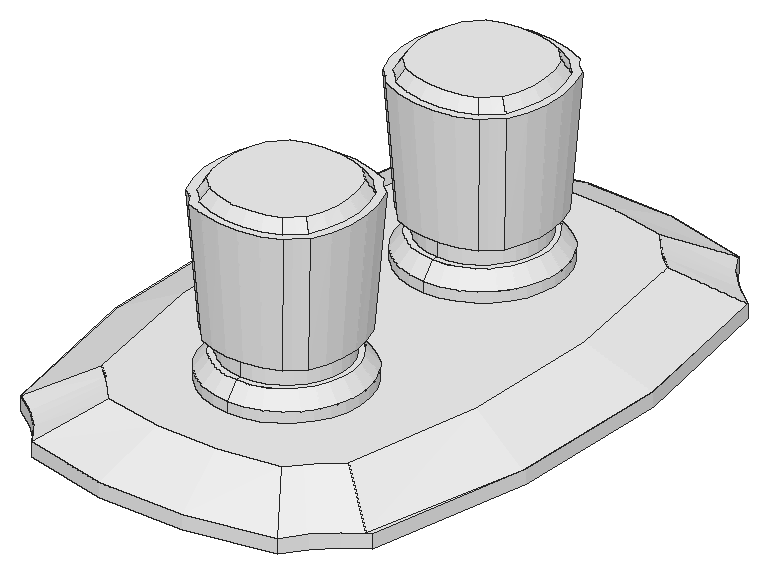
Revit family "Mixing-Valve-Trim_Thermostatic_Traditional_Guinevere_TS970C_TOTO", category Plumbing Fixtures, host Face, Revit 2013
Parameters
  ecoScorecard_data = " "
  ecoScorecard Product Page = "  "
  Width = 0' - 6 11/16"  # constant formula
  Waste Connection = no
  Warranty URL = "http://www.totousa.com/warranty-registration"
  Warranty = "Limited Lifetime (Residential); One Year (Commercial); One Year (Oil Rubbed Bronze)"  # constant formula
  WFU = 0
  Vent Connection = no
  URL = "http://www.totousa.com"
  Toto BIM Number = "BM-00166"  # constant formula
  Subcategory = "Mixing Valve"  # constant formula
  Style = "Traditional"  # constant formula
  Spec Sheet URL = "http://assets.totousa.com/product-files/SS-00058_TS970C.pdf"
  Shipping Weight = 6.00 lbf  # constant formula
  Series = "Guinevere"  # constant formula
  Product Page URL = " "
  Parts Manual URL = " "
  Owners Manual URL = "  "
  Model = "TS970C"  # constant formula
  Material = "Brass"  # constant formula
  Manufacturer Phone - Toll Free = "1-888-295-8134"  # constant formula
  Manufacturer Phone = "(770) 282-8686 "  # constant formula
  Manufacturer Fax = "(770) 282-0002"  # constant formula
  Manufacturer Email = "mailto:custservice@totousa.com "
  Manufacturer Address = "1155 Southern Road, Morrow, Georgia 30260"  # constant formula
  Manufacturer = "TOTO USA, Inc."  # constant formula
  Installation URL = " "
  Industry Standards = "Meets and exceeds ASME A112.19.2/CSA B45.1"  # constant formula
  Height = 0' - 9 13/16"  # constant formula
  HWFU = 0
  HW Connection = no
  Finish = Metal - TOTO - Chrome - Polished
  Description = "GuinevereÂ® Thermostatic Mixing Valve with One-Way Volume Control"  # constant formula
  Depth = 0' - 3 1/2"  # constant formula
  Default Elevation = 3' - 7 1/16"
  Cost Info = "mailto:custservice@totousa.com "
  Color Availability = "#CP Polished Chrome, #BN Brushed Nickel, #PN Polished Nickel, #RB Oil Rubbed Bronze"  # constant formula
  Code Compliance = "UPC, IPC, NSPC, NPC Canada, and others"  # constant formula
  Certifications = "IAPMO(cUPC), State of Massachusetts, City of Los Angeles"  # constant formula
  CWFU = 0
  CW Connection = no
  CAD Drawing URL = "http://assets.totousa.com/product-files/AD-00081_TS970C.dxf"
  Assembly Code = "D2010710"
  ADA Compliant = no
  95 CSI = "15410"  # constant formula
  04 CSI = "22 42 13"  # constant formula
Reference planes (in)
  plane 1 "Center (Front/Back)": y = 0
  plane 2: z = 0
  plane 3 "Center (Left/Right)": x = 0
  plane 4: y = 4.90625
  plane 5: y = -4.90625
  plane 6: x = 3.34375
  plane 7: x = -3.34375
  plane 8: z = 3.5
  plane 9: y = 1.95039
  plane 10: y = -1.95039
  plane 11: z = 2.70157
  plane 12: z = -0.125
  plane 13: x = 1.6875
  plane 14: x = -1.6875
  plane 15: z = 0.21457
  plane 16: z = 0.67953
  plane 17: z = 1.37244
  plane 18: z = 3.32953
Forms (in)
  Extrusion 1, solid, material "Metal - TOTO - Chrome - Polished" <- "Finish", detail levels fine
    sketch origin (5.61193, -180, -0.125) x (-1, 0, 0) y (0, -1, 0)
      loop
        circle (3.92443, -180) r 0.25
      loop
        circle (7.29943, -180) r 0.25
    from 0 to 0.125
  Extrusion 2, solid, material "Metal - TOTO - Chrome - Polished" <- "Finish"
    sketch origin (5.61193, -180, -0.125) x (-1, 0, 0) y (0, -1, 0)
      loop
        arc (7.57272, -184.59586) -> (7.93604, -184.12242) -> (8.40789, -183.75705) r 2.32521
        arc (8.40789, -183.75705) -> (8.94975, -180.01108) -> (8.41397, -176.26423) r 13.29381
        arc (8.41397, -176.26423) -> (7.94012, -175.90328) -> (7.57272, -175.43441) r 2.34055
        arc (7.57272, -175.43441) -> (5.61193, -175.12402) -> (3.65115, -175.43441) r 6.34843
        arc (3.65115, -175.43441) -> (3.2836, -175.90343) -> (2.80952, -176.26444) r 2.34055
        arc (2.80952, -176.26444) -> (2.27411, -179.99977) -> (2.80952, -183.73509) r 13.29744
        arc (2.80952, -183.73509) -> (3.28754, -184.10953) -> (3.65115, -184.59586) r 2.30409
        arc (3.65115, -184.59586) -> (5.61193, -184.90625) -> (7.57272, -184.59586) r 6.34843
    from 0.125 to 0.33957
  Blend 3, solid, material "Metal - TOTO - Chrome - Polished" <- "Finish"
    base sketch origin (5.61193, -180, 0.67953) x (-1, 0, 0) y (0, -1, 0)
      loop
        arc (7.57272, -184.59586) -> (7.93852, -184.11993) -> (8.41397, -183.7535) r 2.32521
        arc (8.41397, -183.7535) -> (8.92689, -180.01088) -> (8.41964, -176.26749) r 13.98816
        arc (8.41964, -176.26749) -> (7.94245, -175.90558) -> (7.57272, -175.43441) r 2.34055
        arc (7.57272, -175.43441) -> (5.61193, -175.12402) -> (3.65115, -175.43441) r 6.34843
        arc (3.65115, -175.43441) -> (3.31521, -175.87165) -> (2.88632, -176.21817) r 2.34055
        arc (2.88632, -176.21817) -> (2.29765, -179.97107) -> (2.80969, -183.73519) r 13.10989
        arc (2.80969, -183.73519) -> (3.28761, -184.1096) -> (3.65115, -184.59586) r 2.30409
        arc (3.65115, -184.59586) -> (5.61193, -184.90625) -> (7.57272, -184.59586) r 6.34843
    top sketch origin (5.61193, -180, 0.67953) x (-1, 0, 0) y (0, -1, 0)
      loop
        arc (4.23459, -183.76157) -> (5.61193, -183.93976) -> (6.98927, -183.76157) r 5.41221
        arc (6.98927, -183.76157) -> (7.26433, -183.44886) -> (7.57641, -183.1731) r 3.31601
        arc (7.57641, -183.1731) -> (7.99052, -180) -> (7.57641, -176.8269) r 12.36379
        arc (7.57641, -176.8269) -> (7.26433, -176.55114) -> (6.98927, -176.23843) r 3.31601
        arc (6.98927, -176.23843) -> (5.61193, -176.06024) -> (4.23459, -176.23843) r 5.41221
        arc (4.23459, -176.23843) -> (3.95954, -176.55114) -> (3.64746, -176.8269) r 3.31601
        arc (3.64746, -176.8269) -> (3.23335, -180) -> (3.64746, -183.1731) r 12.36379
        arc (3.64746, -183.1731) -> (3.95954, -183.44886) -> (4.23459, -183.76157) r 3.31601
    from -0.46496 to 0
  Revolve 4, solid, material "Metal - TOTO - Chrome - Polished" <- "Finish"
    sketch origin (0, 0, 0) x (0, 1, 0) y (0, 0, 1)
      loop
        line (1.95039, 0.67953) -> (3.12047, 0.67953) -> (3.12047, 0.83898) -> (2.94055, 1.06969) -> (2.84724, 1.06969) -> (2.84724, 1.37244) -> (1.95039, 1.37244) -> (1.95039, 0.67953)
      axis (1.95039, 0.67953) -> (1.95039, 1.37244)
    angle from 0 to 360
  Revolve 5, solid, material "Metal - TOTO - Chrome - Polished" <- "Finish"
    sketch origin (0, 0, 0) x (0, 1, 0) y (0, 0, 1)
      loop
        line (-1.95039, 0.67953) -> (-0.78031, 0.67953) -> (-0.78031, 0.83898) -> (-0.96024, 1.06969) -> (-1.05354, 1.06969) -> (-1.05354, 1.37244) -> (-1.95039, 1.37244) -> (-1.95039, 0.67953)
      axis (-1.95039, 0.67953) -> (-1.95039, 1.37244)
    angle from 0 to 360
  Blend 6, solid, material "Metal - TOTO - Chrome - Polished" <- "Finish"
    base sketch origin (5.61193, -180, 1.37244) x (-1, 0, 0) y (0, -1, 0)
      loop
        arc (6.60898, -178.79744) -> (6.78496, -178.04774) -> (6.60464, -177.29907) r 1.66441
        arc (6.60464, -177.29907) -> (6.46805, -177.18987) -> (6.35977, -177.05256) r 0.76654
        arc (6.35977, -177.05256) -> (5.61007, -176.87658) -> (4.8614, -177.0569) r 1.66441
        arc (4.8614, -177.0569) -> (4.75401, -177.19168) -> (4.61922, -177.29907) r 0.76654
        arc (4.61922, -177.29907) -> (4.43891, -178.04774) -> (4.61489, -178.79744) r 1.66441
        arc (4.61489, -178.79744) -> (4.7522, -178.90573) -> (4.8614, -179.04232) r 0.76654
        arc (4.8614, -179.04232) -> (5.61007, -179.22263) -> (6.35977, -179.04665) r 1.66441
        arc (6.35977, -179.04665) -> (6.46986, -178.90753) -> (6.60898, -178.79744) r 0.76654
    top sketch origin (5.61193, -180, 1.37244) x (-1, 0, 0) y (0, -1, 0)
      loop
        arc (6.48868, -178.69175) -> (6.63063, -178.04771) -> (6.48455, -177.40459) r 1.51008
        arc (6.48455, -177.40459) -> (6.35895, -177.29903) -> (6.25408, -177.17286) r 0.92087
        arc (6.25408, -177.17286) -> (5.61003, -177.03091) -> (4.96691, -177.17699) r 1.51008
        arc (4.96691, -177.17699) -> (4.86314, -177.30081) -> (4.73932, -177.40459) r 0.92087
        arc (4.73932, -177.40459) -> (4.59324, -178.04771) -> (4.73519, -178.69175) r 1.51008
        arc (4.73519, -178.69175) -> (4.86136, -178.79662) -> (4.96691, -178.92222) r 0.92087
        arc (4.96691, -178.92222) -> (5.61003, -179.0683) -> (6.25408, -178.92635) r 1.51008
        arc (6.25408, -178.92635) -> (6.36073, -178.7984) -> (6.48868, -178.69175) r 0.92087
    from 1.95709 to 0
  Blend 7, solid, material "Metal - TOTO - Chrome - Polished" <- "Finish"
    base sketch origin (5.61193, -176.09921, 1.37244) x (-1, 0, 0) y (0, -1, 0)
      loop
        arc (6.60898, -178.79744) -> (6.78496, -178.04774) -> (6.60464, -177.29907) r 1.66441
        arc (6.60464, -177.29907) -> (6.46805, -177.18987) -> (6.35977, -177.05256) r 0.76654
        arc (6.35977, -177.05256) -> (5.61007, -176.87658) -> (4.8614, -177.0569) r 1.66441
        arc (4.8614, -177.0569) -> (4.75401, -177.19168) -> (4.61922, -177.29907) r 0.76654
        arc (4.61922, -177.29907) -> (4.43891, -178.04774) -> (4.61489, -178.79744) r 1.66441
        arc (4.61489, -178.79744) -> (4.7522, -178.90573) -> (4.8614, -179.04232) r 0.76654
        arc (4.8614, -179.04232) -> (5.61007, -179.22263) -> (6.35977, -179.04665) r 1.66441
        arc (6.35977, -179.04665) -> (6.46986, -178.90753) -> (6.60898, -178.79744) r 0.76654
    top sketch origin (5.61193, -176.09921, 1.37244) x (-1, 0, 0) y (0, -1, 0)
      loop
        arc (6.48868, -178.69175) -> (6.63063, -178.04771) -> (6.48455, -177.40459) r 1.51008
        arc (6.48455, -177.40459) -> (6.35895, -177.29903) -> (6.25408, -177.17286) r 0.92087
        arc (6.25408, -177.17286) -> (5.61003, -177.03091) -> (4.96691, -177.17699) r 1.51008
        arc (4.96691, -177.17699) -> (4.86314, -177.30081) -> (4.73932, -177.40459) r 0.92087
        arc (4.73932, -177.40459) -> (4.59324, -178.04771) -> (4.73519, -178.69175) r 1.51008
        arc (4.73519, -178.69175) -> (4.86136, -178.79662) -> (4.96691, -178.92222) r 0.92087
        arc (4.96691, -178.92222) -> (5.61003, -179.0683) -> (6.25408, -178.92635) r 1.51008
        arc (6.25408, -178.92635) -> (6.36073, -178.7984) -> (6.48868, -178.69175) r 0.92087
    from 1.95709 to 0
  Blend 8, solid, material "Metal - TOTO - Chrome - Polished" <- "Finish"
    base sketch origin (5.61193, -180, 3.32953) x (-1, 0, 0) y (0, -1, 0)
      loop
        arc (6.28261, -182.84542) -> (6.38467, -182.72313) -> (6.50696, -182.62107) r 0.88701
        arc (6.50696, -182.62107) -> (6.65937, -181.94839) -> (6.50262, -181.2767) r 1.53882
        arc (6.50262, -181.2767) -> (6.3828, -181.17579) -> (6.28261, -181.05537) r 0.88701
        arc (6.28261, -181.05537) -> (5.61514, -180.90295) -> (4.94763, -181.05515) r 1.53882
        arc (4.94763, -181.05515) -> (4.84282, -181.18128) -> (4.71669, -181.28609) r 0.89213
        arc (4.71669, -181.28609) -> (4.5645, -181.9485) -> (4.71251, -182.61185) r 1.53882
        arc (4.71251, -182.61185) -> (4.84102, -182.71773) -> (4.94763, -182.84564) r 0.89213
        arc (4.94763, -182.84564) -> (5.61514, -182.99783) -> (6.28261, -182.84542) r 1.53882
    top sketch origin (5.61193, -180, 3.32953) x (-1, 0, 0) y (0, -1, 0)
      loop
        arc (5.03074, -182.74587) -> (5.61527, -182.87224) -> (6.19973, -182.74555) r 1.41323
        arc (6.19973, -182.74555) -> (6.29586, -182.63432) -> (6.40709, -182.53819) r 1.0126
        arc (6.40709, -182.53819) -> (6.53377, -181.9484) -> (6.40296, -181.35951) r 1.41323
        arc (6.40296, -181.35951) -> (6.29404, -181.26464) -> (6.19973, -181.15524) r 1.0126
        arc (6.19973, -181.15524) -> (5.61527, -181.02854) -> (5.03074, -181.15492) r 1.41323
        arc (5.03074, -181.15492) -> (4.93162, -181.27008) -> (4.81646, -181.3692) r 1.01772
        arc (4.81646, -181.3692) -> (4.69009, -181.94851) -> (4.81249, -182.52867) r 1.41323
        arc (4.81249, -182.52867) -> (4.92988, -182.62897) -> (5.03074, -182.74587) r 1.01772
    from 0 to 0.17047
  Blend 9, solid, material "Metal - TOTO - Chrome - Polished" <- "Finish"
    base sketch origin (5.61193, -183.90079, 3.32953) x (-1, 0, 0) y (0, -1, 0)
      loop
        arc (6.28261, -182.84542) -> (6.38467, -182.72313) -> (6.50696, -182.62107) r 0.88701
        arc (6.50696, -182.62107) -> (6.65937, -181.94839) -> (6.50262, -181.2767) r 1.53882
        arc (6.50262, -181.2767) -> (6.3828, -181.17579) -> (6.28261, -181.05537) r 0.88701
        arc (6.28261, -181.05537) -> (5.61514, -180.90295) -> (4.94763, -181.05515) r 1.53882
        arc (4.94763, -181.05515) -> (4.84282, -181.18128) -> (4.71669, -181.28609) r 0.89213
        arc (4.71669, -181.28609) -> (4.5645, -181.9485) -> (4.71251, -182.61185) r 1.53882
        arc (4.71251, -182.61185) -> (4.84102, -182.71773) -> (4.94763, -182.84564) r 0.89213
        arc (4.94763, -182.84564) -> (5.61514, -182.99783) -> (6.28261, -182.84542) r 1.53882
    top sketch origin (5.61193, -183.90079, 3.32953) x (-1, 0, 0) y (0, -1, 0)
      loop
        arc (5.03074, -182.74587) -> (5.61527, -182.87224) -> (6.19973, -182.74555) r 1.41323
        arc (6.19973, -182.74555) -> (6.29586, -182.63432) -> (6.40709, -182.53819) r 1.0126
        arc (6.40709, -182.53819) -> (6.53377, -181.9484) -> (6.40296, -181.35951) r 1.41323
        arc (6.40296, -181.35951) -> (6.29404, -181.26464) -> (6.19973, -181.15524) r 1.0126
        arc (6.19973, -181.15524) -> (5.61527, -181.02854) -> (5.03074, -181.15492) r 1.41323
        arc (5.03074, -181.15492) -> (4.93162, -181.27008) -> (4.81646, -181.3692) r 1.01772
        arc (4.81646, -181.3692) -> (4.69009, -181.94851) -> (4.81249, -182.52867) r 1.41323
        arc (4.81249, -182.52867) -> (4.92988, -182.62897) -> (5.03074, -182.74587) r 1.01772
    from 0 to 0.17047
  Revolve 10, solid, material "Plastic - TOTO - Black", detail levels fine
    sketch origin (0, 0, 0) x (0, 1, 0) y (0, 0, 1)
      loop
        line (-0.74528, 2.46772) -> (-0.74528, 2.70157) -> (-0.91778, 2.70157) -> (-0.91778, 2.46772) -> (-0.74528, 2.46772)
      axis (-0.91778, 2.70157) -> (-0.74528, 2.70157)
    angle from 0 to 360
  Extrusion 11, solid, material "Metal - TOTO - Chrome - Polished" <- "Finish", detail levels fine
    sketch origin (5.61193, -180, -0.125) x (-1, 0, 0) y (0, -1, 0)
      loop
        circle (5.61193, -181.95039) r 0.25
      loop
        circle (5.61193, -180) r 0.25
      loop
        circle (5.61193, -178.04961) r 0.25
    from 0 to 0.125
Lines and regions (in)
  Masking region 1
    outline origin (7, -4.90625, 48) x (-1, 0, 0) y (0, 0, 1)
      loop
        line (8.17008, -47.32047) -> (8.17008, -47.1606) -> (7.99016, -46.93031) -> (7.89678, -46.93031) -> (7.89678, -46.62756) -> (8.0187, -46.62756) -> (8.17303, -44.67047) -> (8.04744, -44.67047) -> (7.92185, -44.5) -> (6.07815, -44.5) -> (5.95256, -44.67047) -> (5.82697, -44.67047) -> (5.9813, -46.62756) -> (6.10322, -46.62756) -> (6.10322, -46.93031) -> (6.00984, -46.93031) -> (5.82992, -47.1606) -> (5.82992, -47.32047) -> (4.62047, -47.32047) -> (3.65625, -47.78543) -> (3.65625, -48) -> (10.34375, -48) -> (10.34375, -47.78543) -> (9.37953, -47.32047) -> (8.17008, -47.32047)
  symbolic lines, detail levels medium+fine
    curve 1: line (-3.34375, -4.90625, 0.21457) -> (3.34375, -4.90625, 0.21457)
    curve 6: line (1.17008, -4.90625, 0.8394) -> (-1.17008, -4.90625, 0.8394)
  symbolic lines
    curve 2: line (1.17008, -4.90625, 0.67953) -> (-1.17008, -4.90625, 0.67953)
    curve 4: line (-0.89678, -4.90625, 1.37244) -> (0.89678, -4.90625, 1.37244)
    curve 5: line (0.89678, -4.90625, 1.06969) -> (-0.89678, -4.90625, 1.06969)
  symbolic lines, detail levels fine
    curve 3: line (1.04744, -4.90625, 3.32953) -> (-1.04744, -4.90625, 3.32953)
    curve 7: line (1.96079, -4.90625, 0.21457) -> (1.37734, -4.90625, 0.67953)
    curve 8: line (2.77507, -4.90625, 0.21457) -> (1.96433, -4.90625, 0.67953)
    curve 9: line (2.77362, -4.90625, 0) -> (2.77507, -4.90625, 0.21457)
    curve 10: line (1.96079, -4.90625, 0.21457) -> (1.96079, -4.90625, 0)
    curve 11: line (-1.96079, -4.90625, 0) -> (-1.96079, -4.90625, 0.21457)
    curve 12: line (-2.77325, -4.90625, 0) -> (-2.77325, -4.90625, 0.21457)
    curve 13: line (-2.77325, -4.90625, 0.21457) -> (-1.96447, -4.90625, 0.67953)
    curve 14: line (-1.96079, -4.90625, 0.21457) -> (-1.37734, -4.90625, 0.67953)
    curve 15: line (0.64502, -4.90625, 1.37244) -> (0.75053, -4.90625, 3.32953)
    curve 16: line (-0.64215, -4.90625, 1.37244) -> (-0.74783, -4.90625, 3.32953)
    curve 17: line (0.6643, -4.90625, 3.32953) -> (0.58119, -4.90625, 3.5)
    curve 18: line (-0.67067, -4.90625, 3.32953) -> (-0.5878, -4.90625, 3.5)
    curve 19: line (-0.79516, -4.90625, 3.5) -> (-0.89502, -4.90625, 3.32953)
    curve 20: line (0.89943, -4.90625, 3.32953) -> (0.79944, -4.90625, 3.5)
    curve 21: line (0.87261, -4.90625, 1.37244) -> (0.99291, -4.90625, 3.32953)
    curve 22: line (-0.87261, -4.90625, 1.37244) -> (-0.99291, -4.90625, 3.32953)
Dimensions and locks (in)
  equal spacing: plane 5, plane 1 "Center (Front/Back)", plane 4
  "Height": plane 5 to plane 4
  equal spacing: plane 7, plane 3 "Center (Left/Right)", plane 6
  "Width": plane 7 to plane 6
  "Depth": plane 8 to plane 2
  equal spacing: plane 10, plane 1 "Center (Front/Back)", plane 9
  locked: plane 2 to plane 12 at 0.125
  plane 14 to plane 3 "Center (Left/Right)" to plane 13 = 0' - 1 11/16" locked, 0' - 1 11/16" locked
  locked: plane 1 "Center (Front/Back)" to Extrusion 1 sketch curve at 0  (x2)
  locked: plane 13 to Extrusion 1 sketch curve at 0
  locked: plane 14 to Extrusion 1 sketch curve at 0
  locked: plane 10 to plane 9 at 3.90079
  locked: plane 4 to Extrusion 2 sketch curve at 6.34843
  locked: plane 3 "Center (Left/Right)" to Extrusion 2 sketch curve  (x2)
  locked: plane 1 "Center (Front/Back)" to Extrusion 2 sketch curve at 1.47245
  locked: plane 15 to plane 2 at 0.21457
  locked: Extrusion 2 sketch curve to plane 3 "Center (Left/Right)" at 3.97184  (x2)
  locked: Extrusion 2 sketch curve to plane 1 "Center (Front/Back)" at 5.76302  (x2)
  locked: plane 3 "Center (Left/Right)" to Extrusion 2 sketch curve at 3.97184  (x2)
  locked: plane 10 to Extrusion 2 sketch curve at 7.71342
  locked: plane 16 to plane 2 at 0.67953
  locked: plane 17 to plane 2 at 1.37244
  locked: Revolve 4 sketch curve to plane 16 at 0.39016
  locked: Revolve 5 sketch curve to plane 16 at 0.39016
  locked: plane 8 to plane 18 at 0.17047
  locked: plane 10 to Blend 6 sketch curve at 0.00295
  locked: Blend 6 sketch curve to plane 3 "Center (Left/Right)" at 0.49138
  locked: Blend 7 sketch curve to plane 9 at 0.00295
  locked: Blend 7 sketch curve to plane 3 "Center (Left/Right)" at 0.49138
  locked: Blend 8 sketch curve to plane 9 at 0.00295  (x2)
  locked: Blend 8 sketch curve to plane 3 "Center (Left/Right)" at 0.49138  (x2)
  locked: plane 10 to Blend 9 sketch curve at 0.00295
  locked: Blend 9 sketch curve to plane 3 "Center (Left/Right)" at 0.49138
  locked: plane 11 to plane 2 at 2.70157
  Masking region 1 sketch curve to plane 3 "Center (Left/Right)" to Masking region 1 sketch curve = 0' - 2.37953" locked, 0' - 2.37953" locked
  Masking region 1 sketch curve to Masking region 1 sketch curve to Masking region 1 sketch curve to plane 3 "Center (Left/Right)" to Masking region 1 sketch curve to Masking region 1 sketch curve to Masking region 1 sketch curve = 0' - 0.17992" locked, 0' - 0.09338" locked, 0' - 0.89678" locked, 0' - 0.89678" locked, 0' - 0.09338" locked, 0' - 0.17992" locked
  Masking region 1 sketch curve to Masking region 1 sketch curve to Masking region 1 sketch curve to Masking region 1 sketch curve to plane 3 "Center (Left/Right)" to Masking region 1 sketch curve to Masking region 1 sketch curve to Masking region 1 sketch curve to Masking region 1 sketch curve = 0' - 0.12559" locked, 0' - 0.02874" locked, 0' - 0.09685" locked, 0' - 0.92185" locked, 0' - 0.92185" locked, 0' - 0.09685" locked, 0' - 0.02874" locked, 0' - 0.12559" locked
  locked: plane 11 to Revolve 10 sketch curve at 0.23386
  plane 10 to Revolve 10 sketch curve to Revolve 10 sketch curve = 0' - 1.03262" locked, 0' - 0.1725" locked
  locked: plane 16 to curve 6 at 0.15987
  curve 9 to curve 8 to plane 3 "Center (Left/Right)" = 0' - 0.81073" locked, 0' - 1.96433" locked
  locked: plane 9 to Extrusion 11 sketch curve at 0
  locked: plane 1 "Center (Front/Back)" to Extrusion 11 sketch curve at 0
  locked: plane 10 to Extrusion 11 sketch curve at 0
  locked: plane 3 "Center (Left/Right)" to Extrusion 11 sketch curve at 0  (x3)
  locked: Extrusion 2 sketch curve to plane 1 "Center (Front/Back)" at 0.00023
  locked: plane 3 "Center (Left/Right)" to Extrusion 2 sketch curve at 9.95599
  locked: Extrusion 2 sketch curve to plane 3 "Center (Left/Right)" at 9.95961
  locked: plane 1 "Center (Front/Back)" to Extrusion 2 sketch curve at 0.00029
  curve 21 to curve 21 to plane 3 "Center (Left/Right)" to curve 22 to curve 22 = 0' - 0.1203" locked, 0' - 0.87261" locked, 0' - 0.87261" locked, 0' - 0.1203" locked
  plane 3 "Center (Left/Right)" to curve 13 to curve 13 = 0' - 1.96447" locked, 0' - 0.80877" locked
  locked: plane 3 "Center (Left/Right)" to curve 12 at 2.77325
  locked: plane 3 "Center (Left/Right)" to Blend 3 sketch curve at 3.31496
  locked: Blend 3 sketch curve to plane 3 "Center (Left/Right)" at 3.31496
  locked: Extrusion 1 sketch curve to Extrusion 1 sketch curve (radius 0' - 0 1/4")  (x2)
  radius of Extrusion 2 sketch curve = 0' - 6.34843"  (x2)
  radius of Extrusion 2 sketch curve = 0' - 2.34055"  (x2)
  locked: Extrusion 11 sketch curve to Extrusion 11 sketch curve (radius 0' - 0 1/4")  (x3)
  aligned and locked: plane 2 to host face
  aligned and locked: level to host face
  aligned and locked: Extrusion 1 to plane 12
  aligned and locked: plane 2 to Extrusion 1
  aligned and locked: plane 15 to Extrusion 2
  aligned and locked: Extrusion 2 to plane 2
  aligned and locked: Blend 3 sketch curve to Extrusion 2  (x6)
  aligned and locked: Blend 3 to plane 15
  aligned and locked: plane 16 to Blend 3
  aligned and locked: plane 9 to Revolve 4 sketch curve  (x2)
  aligned and locked: plane 16 to Revolve 4 sketch curve
  aligned and locked: plane 17 to Revolve 4 sketch curve
  aligned and locked: plane 17 to Revolve 5 sketch curve
  aligned and locked: Revolve 5 sketch curve to plane 10
  aligned and locked: plane 16 to Revolve 5 sketch curve
  aligned and locked: Blend 6 to plane 17
  aligned and locked: plane 18 to Blend 6
  aligned and locked: Blend 7 to plane 17
  aligned and locked: plane 18 to Blend 7
  aligned and locked: plane 3 "Center (Left/Right)" to Revolve 4 sketch curve
  aligned and locked: plane 3 "Center (Left/Right)" to Revolve 5 sketch curve
  aligned and locked: Blend 8 to plane 18
  aligned and locked: plane 8 to Blend 8
  aligned and locked: Blend 9 to plane 18
  aligned and locked: plane 8 to Blend 9
  aligned and locked: Masking region 1 sketch curve to Blend 3  (x2)
  aligned and locked: Masking region 1 sketch curve to Blend 8
  aligned and locked: Masking region 1 sketch curve to Blend 7  (x2)
  aligned and locked: Masking region 1 sketch curve to plane 18
  aligned and locked: Masking region 1 sketch curve to Revolve 4
  aligned and locked: plane 6 to Masking region 1 sketch curve
  aligned and locked: Masking region 1 sketch curve to plane 7
  aligned and locked: Masking region 1 sketch curve to plane 15  (x2)
  aligned and locked: curve 1 to Blend 3
  aligned and locked: Blend 3 to curve 2
  aligned and locked: plane 6 to curve 1
  aligned and locked: plane 7 to curve 1
  aligned and locked: Masking region 1 to curve 2
  aligned and locked: curve 2 to Masking region 1
  aligned and locked: Blend 7 to curve 3
  aligned and locked: Masking region 1 to curve 3
  aligned and locked: curve 3 to Masking region 1
  aligned and locked: curve 5 to Revolve 4
  aligned and locked: curve 4 to Masking region 1
  aligned and locked: curve 5 to Masking region 1
  aligned and locked: Masking region 1 to curve 5
  aligned and locked: Masking region 1 to curve 6
  aligned and locked: curve 6 to Masking region 1
  aligned and locked: Revolve 10 sketch curve to plane 11  (x2)
  aligned and locked: plane 3 "Center (Left/Right)" to Revolve 10 sketch curve
  aligned and locked: Blend 3 to curve 7
  aligned and locked: Extrusion 2 to curve 10
  aligned and locked: curve 11 to Extrusion 2
  aligned and locked: Blend 3 to curve 14
  aligned and locked: plane 15 to curve 12
  aligned and locked: plane 15 to curve 11
  aligned and locked: plane 16 to curve 8
  aligned and locked: plane 16 to curve 7
  aligned and locked: plane 16 to curve 14
  aligned and locked: plane 16 to curve 13
  aligned and locked: Blend 7 to curve 15  (x3)
  aligned and locked: Blend 7 to curve 16
  aligned and locked: plane 17 to curve 16
  aligned and locked: Blend 8 to curve 17
  aligned and locked: Blend 8 to curve 18
  aligned and locked: Blend 8 to curve 19
  aligned and locked: Blend 8 to curve 20
  aligned and locked: plane 8 to curve 19
  aligned and locked: plane 8 to curve 18
  aligned and locked: plane 8 to curve 20
  aligned and locked: plane 8 to curve 17
  aligned and locked: plane 2 to Masking region 1
  aligned and locked: Masking region 1 to curve 4
  aligned and locked: Extrusion 11 to plane 12
  aligned and locked: plane 2 to Extrusion 11
Automatic sketch dimensions
  plane 9 to Revolve 4 sketch curve = 0' - 0.89685"
  Revolve 4 sketch curve to Revolve 4 sketch curve = 0' - 0.09331"
  Revolve 4 sketch curve to Revolve 4 sketch curve = 0' - 0.17992"
  plane 16 to Revolve 4 sketch curve = 0' - 0.15945"
  Revolve 4 sketch curve to Revolve 4 sketch curve = 0' - 0.3937"
  Revolve 4 sketch curve to plane 11 = 0' - 0.25646"
  Revolve 5 sketch curve to plane 10 = 0' - 0"
  Revolve 5 sketch curve to plane 10 = 0' - 0.89685"
  Revolve 5 sketch curve to Revolve 5 sketch curve = 0' - 0.09331"
  Revolve 5 sketch curve to Revolve 5 sketch curve = 0' - 0.17992"
  Revolve 5 sketch curve to Revolve 5 sketch curve = 0' - 0.15945"
  Revolve 5 sketch curve to Revolve 5 sketch curve = 0' - 0.31536"
  Revolve 5 sketch curve to Revolve 5 sketch curve = 0' - 0.27945"
  host sketch curve to host sketch curve = 3' - 3.20705"
  host sketch curve to host sketch curve = 3' - 4.01813"
  plane 1 "Center (Front/Back)" to Blend 3 sketch curve = 0' - 0"  (x2)
  Blend 3 sketch curve to plane 3 "Center (Left/Right)" = 0' - 0"  (x2)
  Blend 3 sketch curve to plane 13 = 0' - 0.31016"  (x2)
  plane 13 to Blend 3 sketch curve = 0' - 0.27697"  (x2)
  plane 6 to Blend 3 sketch curve = 0' - 0.65609"  (x2)
  plane 6 to Blend 3 sketch curve = 0' - 6.64145"
  Blend 3 sketch curve to plane 14 = 0' - 0.31016"  (x2)
  plane 14 to Blend 3 sketch curve = 0' - 0.27697"  (x2)
  plane 7 to Blend 3 sketch curve = 0' - 0.65609"  (x2)
  plane 7 to Blend 3 sketch curve = 0' - 6.64145"
  Blend 3 sketch curve to plane 9 = 0' - 0.47795"
  plane 9 to Blend 3 sketch curve = 0' - 1.2227"
  Blend 3 sketch curve to Blend 3 sketch curve = 0' - 1.70065"
  Blend 3 sketch curve to Blend 3 sketch curve = 0' - 0.58847"  (x2)
  Blend 3 sketch curve to plane 10 = 0' - 0.47795"
  Blend 6 sketch curve to plane 3 "Center (Left/Right)" = 0' - 0.00295"  (x4)
  Blend 6 sketch curve to plane 10 = 0' - 0.00295"  (x3)
  plane 3 "Center (Left/Right)" to Blend 6 sketch curve = 0' - 0.49138"  (x2)
  plane 3 "Center (Left/Right)" to Blend 6 sketch curve = 0' - 0.75053"  (x2)
  Blend 6 sketch curve to Blend 6 sketch curve = 0' - 0 31/128"  (x2)
  Blend 6 sketch curve to Blend 6 sketch curve = 0' - 0.24651"
  Blend 6 sketch curve to plane 13 = 0' - 0.28755"  (x4)
  Blend 6 sketch curve to plane 3 "Center (Left/Right)" = 0' - 0.74783"  (x2)
  Blend 6 sketch curve to Blend 6 sketch curve = 0' - 0.24487"  (x2)
  Blend 6 sketch curve to Blend 6 sketch curve = 0' - 0.24921"  (x2)
  Blend 6 sketch curve to plane 14 = 0' - 0.28755"  (x4)
  Blend 6 sketch curve to plane 10 = 0' - 0.49138"  (x2)
  Blend 6 sketch curve to plane 10 = 0' - 0.74783"
  Blend 6 sketch curve to Blend 6 sketch curve = 0' - 0.74488"
  Blend 6 sketch curve to plane 10 = 0' - 0.64215"
  Blend 6 sketch curve to plane 13 = 0' - 0.81075"
  plane 10 to Blend 6 sketch curve = 0' - 0.64502"
  plane 3 "Center (Left/Right)" to Blend 6 sketch curve = 0' - 0.87261"
  Blend 6 sketch curve to Blend 6 sketch curve = 0' - 0.23173"
  Blend 6 sketch curve to Blend 6 sketch curve = 0' - 0.22759"  (x2)
  Blend 6 sketch curve to plane 3 "Center (Left/Right)" = 0' - 0.64215"  (x2)
  Blend 6 sketch curve to Blend 6 sketch curve = 0' - 0 59/256"  (x2)
  Blend 6 sketch curve to Blend 6 sketch curve = 0' - 0.2346"
  Blend 6 sketch curve to Blend 6 sketch curve = 0' - 0.87379"
  plane 1 "Center (Front/Back)" to Blend 6 sketch curve = 0' - 0.55045"
  Blend 7 sketch curve to plane 3 "Center (Left/Right)" = 0' - 0.00295"  (x4)
  plane 9 to Blend 7 sketch curve = 0' - 0.00295"  (x3)
  plane 3 "Center (Left/Right)" to Blend 7 sketch curve = 0' - 0.49138"  (x2)
  plane 3 "Center (Left/Right)" to Blend 7 sketch curve = 0' - 0.75053"  (x2)
  Blend 7 sketch curve to Blend 7 sketch curve = 0' - 0 31/128"  (x2)
  Blend 7 sketch curve to Blend 7 sketch curve = 0' - 0.24651"
  Blend 7 sketch curve to plane 13 = 0' - 0.28755"  (x4)
  Blend 7 sketch curve to plane 3 "Center (Left/Right)" = 0' - 0.74783"  (x2)
  Blend 7 sketch curve to Blend 7 sketch curve = 0' - 0.24487"  (x2)
  Blend 7 sketch curve to Blend 7 sketch curve = 0' - 0.24921"  (x2)
  Blend 7 sketch curve to plane 14 = 0' - 0.28755"  (x4)
  plane 9 to Blend 7 sketch curve = 0' - 0.49138"  (x2)
  plane 9 to Blend 7 sketch curve = 0' - 0.74783"  (x2)
  plane 9 to Blend 7 sketch curve = 0' - 0.64215"
  Blend 7 sketch curve to plane 13 = 0' - 0.81075"
  Blend 7 sketch curve to plane 9 = 0' - 0.64502"
  plane 3 "Center (Left/Right)" to Blend 7 sketch curve = 0' - 0.87261"
  Blend 7 sketch curve to Blend 7 sketch curve = 0' - 0.23173"
  Blend 7 sketch curve to Blend 7 sketch curve = 0' - 0.22759"  (x2)
  Blend 7 sketch curve to plane 3 "Center (Left/Right)" = 0' - 0.64215"  (x2)
  Blend 7 sketch curve to Blend 7 sketch curve = 0' - 0 59/256"  (x2)
  Blend 7 sketch curve to Blend 7 sketch curve = 0' - 0.2346"
  Blend 7 sketch curve to Blend 7 sketch curve = 0' - 0.87379"
  Blend 7 sketch curve to Blend 7 sketch curve = 0' - 0.5232"
  Blend 8 sketch curve to plane 3 "Center (Left/Right)" = 0' - 0.00295"  (x4)
  plane 9 to Blend 8 sketch curve = 0' - 0.00295"  (x2)
  plane 3 "Center (Left/Right)" to Blend 8 sketch curve = 0' - 0.49138"  (x2)
  plane 3 "Center (Left/Right)" to Blend 8 sketch curve = 0' - 0.6643"  (x2)
  Blend 8 sketch curve to Blend 8 sketch curve = 0' - 0.23094"
  Blend 8 sketch curve to Blend 8 sketch curve = 0' - 0.23512"
  Blend 8 sketch curve to plane 13 = 0' - 0.28755"  (x4)
  Blend 8 sketch curve to plane 3 "Center (Left/Right)" = 0' - 0.67067"  (x2)
  Blend 8 sketch curve to Blend 8 sketch curve = 0' - 0.22002"
  Blend 8 sketch curve to Blend 8 sketch curve = 0' - 0.22435"  (x2)
  Blend 8 sketch curve to plane 14 = 0' - 0.28755"  (x4)
  plane 9 to Blend 8 sketch curve = 0' - 0.49138"  (x2)
  plane 9 to Blend 8 sketch curve = 0' - 0.66145"
  plane 9 to Blend 8 sketch curve = 0' - 0.67067"
  Blend 8 sketch curve to Blend 8 sketch curve = 0' - 0.23379"
  Blend 8 sketch curve to Blend 8 sketch curve = 0' - 0.22133"
  plane 3 "Center (Left/Right)" to Blend 8 sketch curve = 0' - 0.58119"  (x2)
  Blend 8 sketch curve to Blend 8 sketch curve = 0' - 0.21429"
  Blend 8 sketch curve to Blend 8 sketch curve = 0' - 0.21825"
  Blend 8 sketch curve to plane 3 "Center (Left/Right)" = 0' - 0.5878"  (x2)
  Blend 8 sketch curve to Blend 8 sketch curve = 0' - 0.20323"
  Blend 8 sketch curve to Blend 8 sketch curve = 0' - 0.20736"  (x2)
  plane 9 to Blend 8 sketch curve = 0' - 0.57828"
  Blend 8 sketch curve to Blend 8 sketch curve = 0' - 0.58484"
  Blend 8 sketch curve to Blend 8 sketch curve = 0' - 0.2172"
  Blend 8 sketch curve to Blend 8 sketch curve = 0' - 0.20427"
  Blend 9 sketch curve to plane 13 = 0' - 0.28755"  (x4)
  Blend 9 sketch curve to plane 10 = 0' - 0.66145"
  Blend 9 sketch curve to plane 13 = 0' - 0.78807"
  Blend 9 sketch curve to plane 13 = 0' - 0.79225"
  Blend 9 sketch curve to Blend 9 sketch curve = 0' - 0.23094"
  Blend 9 sketch curve to Blend 9 sketch curve = 0' - 0.23512"
  Blend 9 sketch curve to plane 10 = 0' - 0.00295"  (x3)
  plane 3 "Center (Left/Right)" to Blend 9 sketch curve = 0' - 0.49138"  (x2)
  Blend 9 sketch curve to plane 3 "Center (Left/Right)" = 0' - 0.00295"  (x4)
  Blend 9 sketch curve to plane 3 "Center (Left/Right)" = 0' - 0.67067"  (x2)
  Blend 9 sketch curve to Blend 9 sketch curve = 0' - 0.22002"
  Blend 9 sketch curve to Blend 9 sketch curve = 0' - 0.22435"  (x2)
  Blend 9 sketch curve to plane 14 = 0' - 0.28755"  (x4)
  Blend 9 sketch curve to Blend 9 sketch curve = 0' - 0.66772"
  Blend 9 sketch curve to Blend 9 sketch curve = 0' - 0.23379"
  Blend 9 sketch curve to plane 10 = 0' - 0.49138"  (x2)
  Blend 9 sketch curve to Blend 9 sketch curve = 0' - 0.22133"
  Blend 9 sketch curve to plane 10 = 0' - 0.57828"
  plane 3 "Center (Left/Right)" to Blend 9 sketch curve = 0' - 0.79944"
  plane 3 "Center (Left/Right)" to Blend 9 sketch curve = 0' - 0.79548"
  Blend 9 sketch curve to Blend 9 sketch curve = 0' - 0.21825"
  Blend 9 sketch curve to Blend 9 sketch curve = 0' - 0.21429"
  Blend 9 sketch curve to plane 3 "Center (Left/Right)" = 0' - 0.49138"
  Blend 9 sketch curve to plane 3 "Center (Left/Right)" = 0' - 0.5878"  (x2)
  Blend 9 sketch curve to Blend 9 sketch curve = 0' - 0.20323"
  Blend 9 sketch curve to Blend 9 sketch curve = 0' - 0.20736"  (x2)
  Blend 9 sketch curve to Blend 9 sketch curve = 0' - 0.58484"
  Blend 9 sketch curve to Blend 9 sketch curve = 0' - 0.2172"
  Blend 9 sketch curve to Blend 9 sketch curve = 0' - 0.20427"
  Revolve 10 sketch curve to Revolve 10 sketch curve = 0' - 0.09354"
  Revolve 10 sketch curve to Revolve 10 sketch curve = 0' - 0.31621"
  Extrusion 2 sketch curve to plane 6 = 0' - 0.54134"  (x2)
  plane 13 to Extrusion 2 sketch curve = 0' - 0.27329"
  plane 14 to Extrusion 2 sketch curve = 0' - 0.27329"
  Extrusion 2 sketch curve to plane 7 = 0' - 0.54171"
  curve 9 to level = 0' - 0"
  curve 12 to level = 0' - 0"
  curve 11 to level = 0' - 0"
  curve 10 to level = 0' - 0"
  curve 2 to plane 16 = 0' - 0"
  curve 9 to curve 8 = 0' - 0"
  curve 8 to curve 9 = 0' - 0.00145"
  Blend 3 sketch curve to plane 1 "Center (Front/Back)" = 0' - 0.00029"
  Blend 3 sketch curve to plane 6 = 0' - 0.54151"
  Blend 3 sketch curve to plane 5 = 0' - 1.12442"
  Blend 3 sketch curve to plane 7 = 0' - 0.54171"
  Masking region 1 sketch curve to level = 0' - 0"
  Masking region 1 sketch curve to plane 17 = 0' - 0"
  plane 16 to Masking region 1 sketch curve = 0' - 0.15987"  (x2)
  Masking region 1 sketch curve to Masking region 1 sketch curve = 0' - 0.30276"
Connectors (in)
  piping at (1.6875, 0, 0), driven by "CWFU"
    settings: on Extrusion 1, index 1, connector radius 1/4", flow factor 0, pipe flow 0.000 GPM, pressure drop 0.00 psi, fitting loss kfactor 0, connector angle 0.00°, fixture units 0, engagement length 0' - 0", flow configuration 3, flow direction 1, fitting loss method 4, system type 20, joint type 0, gender type 0, connector reference index -1, connector utility 0, adjustable connector no, is connector primary yes, fitting loss table "", connector description "Cold Water Inlet Connection"
  piping at (-1.6875, 0, 0), driven by "HWFU"
    settings: on Extrusion 1, index 2, connector radius 1/4", flow factor 0, pipe flow 0.000 GPM, pressure drop 0.00 psi, fitting loss kfactor 0, connector angle 0.00°, fixture units 0, engagement length 0' - 0", flow configuration 3, flow direction 1, fitting loss method 4, system type 19, joint type 0, gender type 0, connector reference index -1, connector utility 0, adjustable connector no, is connector primary no, fitting loss table "", connector description "Hot Water Inlet Connection"
  piping at (0, 1.95039, 0), driven by "HWFU"
    settings: on Extrusion 11, index 3, connector radius 1/4", flow factor 0, pipe flow 0.000 GPM, pressure drop 0.00 psi, fitting loss kfactor 0, connector angle 0.00°, fixture units 0, engagement length 0' - 0", flow configuration 3, flow direction 2, fitting loss method 0, system type 19, joint type 0, gender type 0, connector reference index -1, connector utility 0, adjustable connector no, is connector primary no, fitting loss table "", connector description "Tempered Water Showerhead Connection"
  piping at (0, 0, 0), driven by "HWFU"
    settings: on Extrusion 11, index 4, connector radius 1/4", flow factor 0, pipe flow 0.000 GPM, pressure drop 0.00 psi, fitting loss kfactor 0, connector angle 0.00°, fixture units 0, engagement length 0' - 0", flow configuration 3, flow direction 2, fitting loss method 0, system type 19, joint type 0, gender type 0, connector reference index -1, connector utility 0, adjustable connector no, is connector primary no, fitting loss table "", connector description "Tempered Water Auxiliary Connection"
  piping at (0, -1.95039, 0), driven by "HWFU"
    settings: on Extrusion 11, index 5, connector radius 1/4", flow factor 0, pipe flow 0.000 GPM, pressure drop 0.00 psi, fitting loss kfactor 0, connector angle 0.00°, fixture units 0, engagement length 0' - 0", flow configuration 3, flow direction 2, fitting loss method 0, system type 19, joint type 0, gender type 0, connector reference index -1, connector utility 0, adjustable connector no, is connector primary no, fitting loss table "", connector description "Tempered Water Tub Spout Connection"
